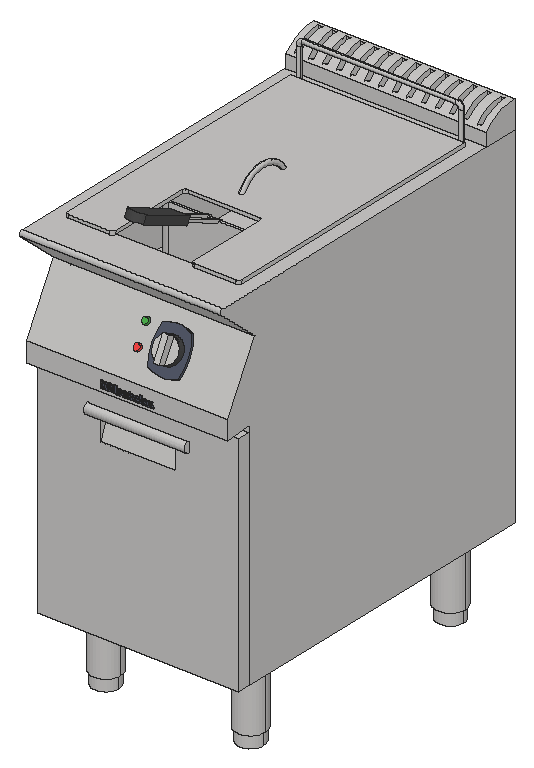
Revit family "QF_ELECTROLUXPROFESSIONAL_371077_E7FRED1BF0", category Specialty Equipment, Revit 2018 (continued)
Automatic sketch dimensions
  Extrusion 39 sketch curve to Extrusion 39 sketch curve = 1.345 mm  (x2)
  Extrusion 39 sketch curve to Extrusion 39 sketch curve = 0.137 mm  (x2)
  Extrusion 39 sketch curve to Extrusion 39 sketch curve = 0.432 mm
  Extrusion 39 sketch curve to Extrusion 39 sketch curve = 1.142 mm
  Extrusion 39 sketch curve to Extrusion 39 sketch curve = 0.959 mm
  Extrusion 39 sketch curve to Extrusion 39 sketch curve = 0.176 mm
  Extrusion 39 sketch curve to Extrusion 39 sketch curve = 0.728 mm
  Extrusion 39 sketch curve to Extrusion 39 sketch curve = 3.375 mm  (x2)
  Extrusion 39 sketch curve to Extrusion 39 sketch curve = 1.905 mm
  Extrusion 39 sketch curve to Extrusion 39 sketch curve = 0.955 mm
  Extrusion 39 sketch curve to Extrusion 39 sketch curve = 1.251 mm
  Extrusion 39 sketch curve to Extrusion 39 sketch curve = 0.572 mm
  Extrusion 39 sketch curve to Extrusion 39 sketch curve = 1.92 mm
  Extrusion 39 sketch curve to Extrusion 39 sketch curve = 1.224 mm
  Extrusion 39 sketch curve to Extrusion 39 sketch curve = 0.745 mm
  Extrusion 39 sketch curve to Extrusion 39 sketch curve = 2.537 mm
  Extrusion 39 sketch curve to Extrusion 39 sketch curve = 0.896 mm  (x3)
  Extrusion 39 sketch curve to Extrusion 39 sketch curve = 0.036 mm
  Extrusion 39 sketch curve to Extrusion 39 sketch curve = 2.607 mm
  Extrusion 39 sketch curve to Extrusion 39 sketch curve = 0.066 mm
  Extrusion 39 sketch curve to Extrusion 39 sketch curve = 0.248 mm
  Extrusion 39 sketch curve to Extrusion 39 sketch curve = 0.449 mm
  Extrusion 39 sketch curve to Extrusion 39 sketch curve = 1.052 mm
  Extrusion 39 sketch curve to Extrusion 39 sketch curve = 1.863 mm
  Extrusion 39 sketch curve to Extrusion 39 sketch curve = 1.31 mm  (x2)
  Extrusion 39 sketch curve to Extrusion 39 sketch curve = 0.901 mm
  Extrusion 39 sketch curve to Extrusion 39 sketch curve = 1.107 mm
  Extrusion 39 sketch curve to Extrusion 39 sketch curve = 2.122 mm
  Extrusion 39 sketch curve to Extrusion 39 sketch curve = 2.101 mm
  Extrusion 39 sketch curve to Extrusion 39 sketch curve = 0.106 mm
  Extrusion 39 sketch curve to Extrusion 39 sketch curve = 0.029 mm
  Extrusion 39 sketch curve to Extrusion 39 sketch curve = 2.09 mm
  Extrusion 39 sketch curve to Extrusion 39 sketch curve = 1.279 mm
  Extrusion 39 sketch curve to Extrusion 39 sketch curve = 2.008 mm
  Extrusion 39 sketch curve to Extrusion 39 sketch curve = 0.738 mm
  Extrusion 39 sketch curve to Extrusion 39 sketch curve = 0.382 mm
  Extrusion 39 sketch curve to Extrusion 39 sketch curve = 0.384 mm
  Extrusion 39 sketch curve to Extrusion 39 sketch curve = 0.002 mm
  Extrusion 39 sketch curve to Extrusion 39 sketch curve = 0.561 mm
  Extrusion 39 sketch curve to Extrusion 39 sketch curve = 0.592 mm
  Extrusion 39 sketch curve to Extrusion 39 sketch curve = 2.692 mm
  Extrusion 39 sketch curve to Extrusion 39 sketch curve = 1.259 mm
  Extrusion 39 sketch curve to Extrusion 39 sketch curve = 0.802 mm
  Extrusion 39 sketch curve to Extrusion 39 sketch curve = 1.024 mm  (x2)
  Extrusion 39 sketch curve to Extrusion 39 sketch curve = 0.682 mm
  Extrusion 39 sketch curve to Extrusion 39 sketch curve = 5.934 mm
  Extrusion 39 sketch curve to Extrusion 39 sketch curve = 2.186 mm
  Extrusion 39 sketch curve to Extrusion 39 sketch curve = 0.337 mm
  Extrusion 39 sketch curve to Extrusion 39 sketch curve = 0.021 mm
  Extrusion 39 sketch curve to Extrusion 39 sketch curve = 1.005 mm
  Extrusion 39 sketch curve to Extrusion 39 sketch curve = 0.552 mm
  Extrusion 39 sketch curve to Extrusion 39 sketch curve = 0.778 mm
  Extrusion 39 sketch curve to Extrusion 39 sketch curve = 0.063 mm
  Extrusion 39 sketch curve to Extrusion 39 sketch curve = 1.023 mm
  Extrusion 39 sketch curve to Extrusion 39 sketch curve = 3.804 mm
  Extrusion 39 sketch curve to Extrusion 39 sketch curve = 0.486 mm
  Extrusion 39 sketch curve to Extrusion 39 sketch curve = 0.266 mm  (x2)
  Extrusion 39 sketch curve to Extrusion 39 sketch curve = 1.547 mm
  Extrusion 39 sketch curve to Extrusion 39 sketch curve = 0.717 mm  (x2)
  Extrusion 39 sketch curve to Extrusion 39 sketch curve = 1.667 mm
  Extrusion 39 sketch curve to Extrusion 39 sketch curve = 3.174 mm
  Extrusion 39 sketch curve to plane 7 "Center Y" = 0.741 mm
  Extrusion 39 sketch curve to Extrusion 39 sketch curve = 0.388 mm
  Extrusion 39 sketch curve to Extrusion 39 sketch curve = 1.342 mm
  Extrusion 39 sketch curve to Extrusion 39 sketch curve = 1.521 mm
  Extrusion 39 sketch curve to Extrusion 39 sketch curve = 0.124 mm
  Extrusion 39 sketch curve to Extrusion 39 sketch curve = 0.291 mm
  plane 7 "Center Y" to Extrusion 39 sketch curve = 6.176 mm
  Extrusion 39 sketch curve to Extrusion 39 sketch curve = 1.049 mm  (x2)
  Extrusion 39 sketch curve to Extrusion 39 sketch curve = 1.7 mm
  Extrusion 39 sketch curve to Extrusion 39 sketch curve = 0.894 mm
  Extrusion 39 sketch curve to Extrusion 39 sketch curve = 0.989 mm
  Extrusion 39 sketch curve to Extrusion 39 sketch curve = 1.168 mm
  Extrusion 39 sketch curve to Extrusion 39 sketch curve = 1.594 mm
  Extrusion 39 sketch curve to Extrusion 39 sketch curve = 0.731 mm
  Extrusion 39 sketch curve to Extrusion 39 sketch curve = 1.566 mm
  Extrusion 39 sketch curve to Extrusion 39 sketch curve = 0.064 mm
  plane 7 "Center Y" to Extrusion 39 sketch curve = 6.733 mm
  Extrusion 39 sketch curve to Extrusion 39 sketch curve = 0.556 mm  (x2)
  Extrusion 39 sketch curve to Extrusion 39 sketch curve = 0.48 mm
  Extrusion 39 sketch curve to Extrusion 39 sketch curve = 1.018 mm
  Extrusion 39 sketch curve to Extrusion 39 sketch curve = 0.787 mm
  Extrusion 39 sketch curve to Extrusion 39 sketch curve = 0.618 mm
  Extrusion 39 sketch curve to Extrusion 39 sketch curve = 1.672 mm
  Extrusion 39 sketch curve to Extrusion 39 sketch curve = 1.361 mm
  Extrusion 39 sketch curve to Extrusion 39 sketch curve = 0.822 mm
  Extrusion 39 sketch curve to Extrusion 39 sketch curve = 0.069 mm
  Extrusion 39 sketch curve to Extrusion 39 sketch curve = 1.88 mm
  Extrusion 39 sketch curve to Extrusion 39 sketch curve = 0.42 mm
  Extrusion 39 sketch curve to Extrusion 39 sketch curve = 0.062 mm
  Extrusion 39 sketch curve to Extrusion 39 sketch curve = 1.355 mm
  Extrusion 39 sketch curve to Extrusion 39 sketch curve = 2.34 mm
  Extrusion 39 sketch curve to Extrusion 39 sketch curve = 0.493 mm
  Extrusion 39 sketch curve to Extrusion 39 sketch curve = 0.136 mm
  Extrusion 39 sketch curve to Extrusion 39 sketch curve = 0.128 mm
  Extrusion 39 sketch curve to Extrusion 39 sketch curve = 3.616 mm
  Extrusion 39 sketch curve to Extrusion 39 sketch curve = 4.207 mm
  Extrusion 39 sketch curve to Extrusion 39 sketch curve = 0.183 mm
  Extrusion 39 sketch curve to Extrusion 39 sketch curve = 0.895 mm
  Extrusion 39 sketch curve to Extrusion 39 sketch curve = 1.314 mm
  Extrusion 39 sketch curve to Extrusion 39 sketch curve = 3.231 mm
  Extrusion 39 sketch curve to Extrusion 39 sketch curve = 1.299 mm
  Extrusion 39 sketch curve to Extrusion 39 sketch curve = 1.214 mm
  Extrusion 39 sketch curve to Extrusion 39 sketch curve = 1.264 mm
  Extrusion 39 sketch curve to Extrusion 39 sketch curve = 0.109 mm
  Extrusion 39 sketch curve to Extrusion 39 sketch curve = 0.357 mm
  Extrusion 39 sketch curve to Extrusion 39 sketch curve = 0.565 mm
  Extrusion 39 sketch curve to Extrusion 39 sketch curve = 2.504 mm
  Extrusion 39 sketch curve to Extrusion 39 sketch curve = 2.459 mm
  Extrusion 39 sketch curve to Extrusion 39 sketch curve = 1.322 mm
  Extrusion 39 sketch curve to Extrusion 39 sketch curve = 2.77 mm
  Extrusion 39 sketch curve to Extrusion 39 sketch curve = 2.51 mm
  Extrusion 39 sketch curve to Extrusion 39 sketch curve = 0.187 mm
  Extrusion 39 sketch curve to Extrusion 39 sketch curve = 2.559 mm
  Extrusion 39 sketch curve to Extrusion 39 sketch curve = 1.556 mm
  Extrusion 39 sketch curve to Extrusion 39 sketch curve = 0.222 mm
  Extrusion 39 sketch curve to Extrusion 39 sketch curve = 1.383 mm
  Extrusion 39 sketch curve to Extrusion 39 sketch curve = 3.114 mm
  Extrusion 39 sketch curve to Extrusion 39 sketch curve = 3.376 mm
  Extrusion 39 sketch curve to Extrusion 39 sketch curve = 0.934 mm
  Extrusion 39 sketch curve to Extrusion 39 sketch curve = 0.191 mm
  Extrusion 39 sketch curve to Extrusion 39 sketch curve = 3.696 mm
  Extrusion 39 sketch curve to Extrusion 39 sketch curve = 2.708 mm
  Extrusion 39 sketch curve to Extrusion 39 sketch curve = 3.333 mm
  Extrusion 39 sketch curve to Extrusion 39 sketch curve = 0.332 mm
  Extrusion 39 sketch curve to Extrusion 39 sketch curve = 1.087 mm
  Extrusion 39 sketch curve to Extrusion 39 sketch curve = 2.23 mm
  Extrusion 39 sketch curve to Extrusion 39 sketch curve = 2.757 mm
  Extrusion 39 sketch curve to Extrusion 39 sketch curve = 0.987 mm
  Extrusion 39 sketch curve to Extrusion 39 sketch curve = 1.529 mm
  Extrusion 39 sketch curve to Extrusion 39 sketch curve = 1.796 mm
  Extrusion 39 sketch curve to Extrusion 39 sketch curve = 2.859 mm
  Extrusion 39 sketch curve to Extrusion 39 sketch curve = 0.853 mm
  Extrusion 39 sketch curve to Extrusion 39 sketch curve = 1.241 mm
  Extrusion 39 sketch curve to Extrusion 39 sketch curve = 2.046 mm  (x2)
  Extrusion 39 sketch curve to Extrusion 39 sketch curve = 2.422 mm
  Extrusion 39 sketch curve to Extrusion 39 sketch curve = 0.27 mm  (x2)
  Extrusion 39 sketch curve to Extrusion 39 sketch curve = 0.69 mm
  Extrusion 39 sketch curve to Extrusion 39 sketch curve = 0.781 mm  (x2)
  Extrusion 39 sketch curve to Extrusion 39 sketch curve = 3.136 mm
  Extrusion 39 sketch curve to Extrusion 39 sketch curve = 1.767 mm
  Extrusion 39 sketch curve to Extrusion 39 sketch curve = 0.138 mm
  Extrusion 39 sketch curve to Extrusion 39 sketch curve = 0.777 mm
  Extrusion 39 sketch curve to Extrusion 39 sketch curve = 1.19 mm
  Extrusion 39 sketch curve to Extrusion 39 sketch curve = 0.782 mm
  Extrusion 39 sketch curve to Extrusion 39 sketch curve = 1.268 mm
  Extrusion 39 sketch curve to Extrusion 39 sketch curve = 0.422 mm  (x2)
  Extrusion 39 sketch curve to Extrusion 39 sketch curve = 1.559 mm
  Extrusion 39 sketch curve to Extrusion 39 sketch curve = 3.927 mm
  Extrusion 39 sketch curve to Extrusion 39 sketch curve = 0.983 mm
  Extrusion 39 sketch curve to Extrusion 39 sketch curve = 1.134 mm
  Extrusion 39 sketch curve to Extrusion 39 sketch curve = 0.094 mm
  Extrusion 39 sketch curve to Extrusion 39 sketch curve = 1.584 mm
  Extrusion 39 sketch curve to Extrusion 39 sketch curve = 0.643 mm
  Extrusion 39 sketch curve to Extrusion 39 sketch curve = 0.916 mm
  Extrusion 39 sketch curve to Extrusion 39 sketch curve = 0.352 mm
  Extrusion 39 sketch curve to Extrusion 39 sketch curve = 0.458 mm
  Extrusion 39 sketch curve to Extrusion 39 sketch curve = 1.282 mm
  Extrusion 39 sketch curve to Extrusion 39 sketch curve = 1.363 mm
  Extrusion 39 sketch curve to Extrusion 39 sketch curve = 0.685 mm
  Extrusion 39 sketch curve to Extrusion 39 sketch curve = 0.905 mm
  Extrusion 39 sketch curve to Extrusion 39 sketch curve = 2.865 mm
  Extrusion 39 sketch curve to Extrusion 39 sketch curve = 0.472 mm
  Extrusion 39 sketch curve to Extrusion 39 sketch curve = 0.101 mm
  Extrusion 39 sketch curve to Extrusion 39 sketch curve = 0.54 mm
  Extrusion 39 sketch curve to Extrusion 39 sketch curve = 0.02 mm
  Extrusion 39 sketch curve to Extrusion 39 sketch curve = 0.468 mm
  Extrusion 39 sketch curve to Extrusion 39 sketch curve = 0.829 mm
  Extrusion 39 sketch curve to Extrusion 39 sketch curve = 0.582 mm
  Extrusion 39 sketch curve to Extrusion 39 sketch curve = 0.166 mm
  Extrusion 39 sketch curve to Extrusion 39 sketch curve = 0.16 mm
  Extrusion 39 sketch curve to Extrusion 39 sketch curve = 2.781 mm
  Extrusion 39 sketch curve to Extrusion 39 sketch curve = 1.118 mm
  Extrusion 39 sketch curve to Extrusion 39 sketch curve = 0.613 mm
  Extrusion 39 sketch curve to Extrusion 39 sketch curve = 0.361 mm
  Extrusion 39 sketch curve to Extrusion 39 sketch curve = 0.897 mm
  Extrusion 39 sketch curve to Extrusion 39 sketch curve = 0.167 mm
  Extrusion 39 sketch curve to Extrusion 39 sketch curve = 0.292 mm
  Extrusion 39 sketch curve to Extrusion 39 sketch curve = 0.305 mm
  Extrusion 39 sketch curve to Extrusion 39 sketch curve = 1.557 mm
  Extrusion 39 sketch curve to Extrusion 39 sketch curve = 2.499 mm
  Extrusion 39 sketch curve to Extrusion 39 sketch curve = 3.062 mm
  Extrusion 39 sketch curve to Extrusion 39 sketch curve = 2.968 mm
  Extrusion 39 sketch curve to Extrusion 39 sketch curve = 5.044 mm
  Extrusion 39 sketch curve to Extrusion 39 sketch curve = 0.629 mm  (x2)
  Extrusion 39 sketch curve to Extrusion 39 sketch curve = 1.131 mm
  Extrusion 39 sketch curve to Extrusion 39 sketch curve = 0.027 mm
  Extrusion 39 sketch curve to Extrusion 39 sketch curve = 2.235 mm
  radius of Sweep 5 sketch curve = 4.353 mm
  radius of Sweep 6 sketch curve = 3.827 mm
  radius of Extrusion 22 sketch curve = 25.4 mm
  radius of Extrusion 23 sketch curve to Extrusion 22 = 0 mm  (x2)
  radius of Extrusion 24 sketch curve = 6.35 mm
  radius of Extrusion 25 sketch curve = 6.35 mm
  radius of Extrusion 38 sketch curve = 12.7 mm
Connectors
  electrical at (348, -505, 588.3), driven by "Volts", driven by "Watts"
    settings: on Extrusion 38, index 1, voltage 400 V, apparent load 5400 VA, apparent load phase1 0 VA, apparent load phase2 0 VA, apparent load phase3 0 VA, power factor 1, load classification "Other", number of poles 1, system type 30, power factor state 1, is connector primary yes, connector utility no, sub classification motor no, connector description "Electrical Connection"
